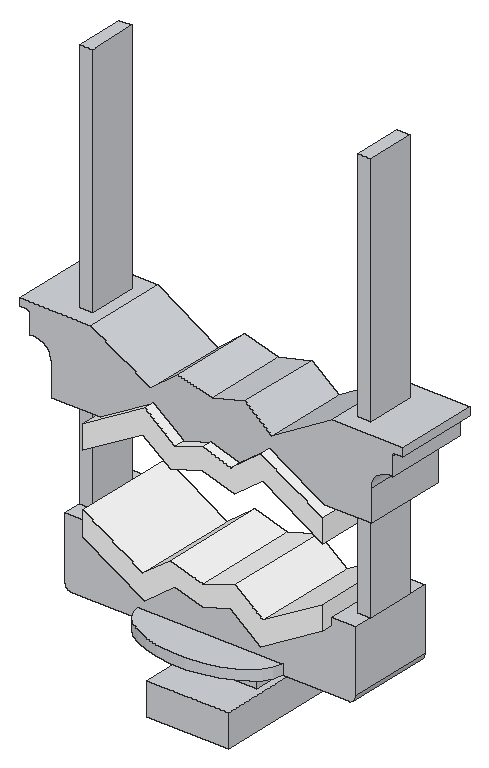
Revit family "550-2121Q", category Pipe Accessories, Revit 2017
Family settings
  Round Connector Dimension = Use Diameter
  Part Type = Normal
  Work Plane-Based = No
  Always vertical = Yes
  Cut with Voids When Loaded = No
  Shared = No
Parameters
  URL = "WWW.SIOUXCHIEF.COM"
  Spread Distance [instance] = 1.000"
  Model = "550-2121Q"
  Manufacturer = "SIOUX CHIEF MANUFACTURING, INC."
  Description = "TD+ UNIVERSAL CLAMPS"
Reference planes (in)
  plane 1 "Center (Front/Back)": y = 0
  plane 2: z = 0
  plane 3 "Center (Left/Right)": x = 0
  plane 4: z = 0.5998
  plane 5: z = 1.5998
Forms (in)
  Extrusion 1, solid
    sketch origin (0, 0, 0) x (1, 0, 0) y (0, 1, 0)
      loop
        line (-1.4375, 0.24262) -> (-1.4375, -0.24262) -> (-1.3125, -0.24262) -> (-1.3125, 0.24262) -> (-1.4375, 0.24262)
    from 0.679 to 4.75
  Extrusion 2, solid
    sketch origin (0, 0, 0) x (-1, 0, 0) y (0, -1, 0)
      loop
        line (-1.4375, -0.24262) -> (-1.3125, -0.24262) -> (-1.3125, 0.24262) -> (-1.4375, 0.24262) -> (-1.4375, -0.24262)
    from 0.679 to 4.75
  Extrusion 3, solid
    sketch origin (0, 0.39993, 0) x (1, 0, 0) y (0, 0, 1)
      loop
        arc (1.365, 0) -> (1.4162, 0.0212) -> (1.4374, 0.0724) r 0.0724
        line (1.4374, 0.0724) -> (1.4374, 0.679) -> (1.1346, 0.679) -> (0.6041, 0.3762) -> (0.3361, 0.5915) -> (0, 0.50643) -> (-0.3361, 0.5915) -> (-0.6041, 0.3762) -> (-1.1346, 0.679) -> (-1.4374, 0.679) -> (-1.4374, 0.0724)
        arc (-1.4374, 0.0724) -> (-1.4162, 0.0212) -> (-1.365, 0) r 0.0724
        line (-1.365, 0) -> (1.365, 0)
    from -0.02514 to 0.825
  Extrusion 4, solid
    sketch origin (0, -0.25, 0) x (1, 0, 0) y (0, 1, 0)
      loop
        line (-0.341, 0.525) -> (-0.341, -0.025) -> (0.341, -0.025) -> (0.341, 0.525) -> (-0.341, 0.525)
    from 0 to -0.316
  Extrusion 5, solid
    sketch origin (-0.11988, -0.04826, -2.5) x (1, 0, 0) y (0, 1, 0)
      loop
        line (-0.28262, 0.75376) -> (-0.28262, -0.65724) -> (0.52238, -0.65724) -> (0.52238, 0.75376) -> (-0.28262, 0.75376)
    from 1.8653 to 2.184
  Extrusion 6, solid
    sketch origin (0, 0, 0) x (1, 0, 0) y (0, 1, 0)
      loop
        spline (-0.711, -0.42507) -> (-0.68677, -0.52806) -> (-0.61574, -0.62404) -> (-0.50275, -0.70645) -> (-0.3555, -0.76969) -> (-0.18402, -0.80944) -> (0, -0.823) -> (0.18402, -0.80944) -> (0.3555, -0.76969) -> (0.50275, -0.70645) -> (0.61574, -0.62404) -> (0.68677, -0.52806) -> (0.711, -0.42507)
        line (0.711, -0.42507) -> (-0.711, -0.42507)
    from 0 to 0.1
  Extrusion 7, solid
    sketch origin (0, 0, 0) x (1, 0, 0) y (0, 1, 0)
      loop
        line (-0.711, 0.42507) -> (0.711, 0.42507)
        spline (0.711, 0.42507) -> (0.68677, 0.52806) -> (0.61574, 0.62404) -> (0.50275, 0.70645) -> (0.3555, 0.76969) -> (0.18402, 0.80944) -> (0, 0.823) -> (-0.18402, 0.80944) -> (-0.3555, 0.76969) -> (-0.50275, 0.70645) -> (-0.61574, 0.62404) -> (-0.68677, 0.52806) -> (-0.711, 0.42507)
    from 0 to 0.1
  Extrusion 8, solid
    sketch origin (0, 0.25, 0.41481) x (1, 0, 0) y (0, 0, 1)
      loop
        line (-0.00363, 1.28449) -> (0.2179, 1.22889) -> (0.3651, 1.22889) -> (0.5873, 1.41219) -> (0.9151, 1.22889) -> (1.5817, 1.22889) -> (1.5817, 1.54282)
        arc (1.5817, 1.54282) -> (1.64704, 1.67873) -> (1.794, 1.71259) r 0.17403
        line (1.794, 1.71259) -> (1.794, 1.90206)
        arc (1.794, 1.90206) -> (1.80256, 1.92273) -> (1.82323, 1.93129) r 0.02923
        line (1.82323, 1.93129) -> (1.894, 1.93129) -> (1.894, 2.00699) -> (1.1924, 2.00699) -> (0.5952, 1.65979) -> (0.3319, 1.87079) -> (0, 1.78749) -> (-0.3319, 1.87079) -> (-0.5952, 1.65979) -> (-1.1924, 2.00699) -> (-1.894, 2.00699) -> (-1.894, 1.93129) -> (-1.82323, 1.93129)
        arc (-1.82323, 1.93129) -> (-1.80256, 1.92273) -> (-1.794, 1.90206) r 0.02923
        line (-1.794, 1.90206) -> (-1.794, 1.71259)
        arc (-1.794, 1.71259) -> (-1.64704, 1.67873) -> (-1.5817, 1.54282) r 0.17403
        line (-1.5817, 1.54282) -> (-1.5817, 1.22889) -> (-0.9151, 1.22889) -> (-0.5873, 1.41219) -> (-0.3651, 1.22889) -> (-0.2179, 1.22889) -> (0, 1.28357)
    from -0.1625 to 0.6625
  Extrusion 9, solid, not visible
    sketch origin (0, 0, 0) x (1, 0, 0) y (0, 1, 0)
      loop
        line (-1.4375, 0.24262) -> (-1.4375, -0.24262) -> (-1.3125, -0.24262) -> (-1.3125, 0.24262) -> (-1.4375, 0.24262)
    from 0.679 to 4.75
  Extrusion 10, solid, not visible
    sketch origin (0, 0, 0) x (-1, 0, 0) y (0, -1, 0)
      loop
        line (-1.4375, -0.24262) -> (-1.3125, -0.24262) -> (-1.3125, 0.24262) -> (-1.4375, 0.24262) -> (-1.4375, -0.24262)
    from 0.679 to 4.75
  Extrusion 11, solid, not visible
    sketch origin (0, 0.39993, 0) x (1, 0, 0) y (0, 0, 1)
      loop
        arc (1.365, 0) -> (1.4162, 0.0212) -> (1.4374, 0.0724) r 0.0724
        line (1.4374, 0.0724) -> (1.4374, 0.679) -> (1.1346, 0.679) -> (0.6041, 0.3762) -> (0.3361, 0.5915) -> (0, 0.50643) -> (-0.3361, 0.5915) -> (-0.6041, 0.3762) -> (-1.1346, 0.679) -> (-1.4374, 0.679) -> (-1.4374, 0.0724)
        arc (-1.4374, 0.0724) -> (-1.4162, 0.0212) -> (-1.365, 0) r 0.0724
        line (-1.365, 0) -> (1.365, 0)
    from -0.02514 to 0.825
  Extrusion 12, solid, not visible
    sketch origin (0, -0.25, 0) x (1, 0, 0) y (0, 1, 0)
      loop
        line (-0.341, 0.525) -> (-0.341, -0.025) -> (0.341, -0.025) -> (0.341, 0.525) -> (-0.341, 0.525)
    from 0 to -0.316
  Extrusion 13, solid, not visible
    sketch origin (-0.11988, -0.04826, -2.5) x (1, 0, 0) y (0, 1, 0)
      loop
        line (-0.28262, 0.75376) -> (-0.28262, -0.65724) -> (0.52238, -0.65724) -> (0.52238, 0.75376) -> (-0.28262, 0.75376)
    from 1.8653 to 2.184
  Extrusion 14, solid, not visible
    sketch origin (0, 0, 0) x (1, 0, 0) y (0, 1, 0)
      loop
        spline (-0.711, -0.42507) -> (-0.68677, -0.52806) -> (-0.61574, -0.62404) -> (-0.50275, -0.70645) -> (-0.3555, -0.76969) -> (-0.18402, -0.80944) -> (0, -0.823) -> (0.18402, -0.80944) -> (0.3555, -0.76969) -> (0.50275, -0.70645) -> (0.61574, -0.62404) -> (0.68677, -0.52806) -> (0.711, -0.42507)
        line (0.711, -0.42507) -> (-0.711, -0.42507)
    from 0 to 0.1
  Extrusion 15, solid, not visible
    sketch origin (0, 0, 0) x (1, 0, 0) y (0, 1, 0)
      loop
        line (-0.711, 0.42507) -> (0.711, 0.42507)
        spline (0.711, 0.42507) -> (0.68677, 0.52806) -> (0.61574, 0.62404) -> (0.50275, 0.70645) -> (0.3555, 0.76969) -> (0.18402, 0.80944) -> (0, 0.823) -> (-0.18402, 0.80944) -> (-0.3555, 0.76969) -> (-0.50275, 0.70645) -> (-0.61574, 0.62404) -> (-0.68677, 0.52806) -> (-0.711, 0.42507)
    from 0 to 0.1
  Extrusion 16, solid, not visible
    sketch origin (0, 0.25, 0) x (1, 0, 0) y (0, 0, 1)
      loop
        line (-0.00363, 1.28449) -> (0.2179, 1.22889) -> (0.3651, 1.22889) -> (0.5873, 1.41219) -> (0.9151, 1.22889) -> (1.5817, 1.22889) -> (1.5817, 1.54282)
        arc (1.5817, 1.54282) -> (1.64704, 1.67873) -> (1.794, 1.71259) r 0.17403
        line (1.794, 1.71259) -> (1.794, 1.90206)
        arc (1.794, 1.90206) -> (1.80256, 1.92273) -> (1.82323, 1.93129) r 0.02923
        line (1.82323, 1.93129) -> (1.894, 1.93129) -> (1.894, 2.00699) -> (1.1924, 2.00699) -> (0.5952, 1.65979) -> (0.3319, 1.87079) -> (0, 1.78749) -> (-0.3319, 1.87079) -> (-0.5952, 1.65979) -> (-1.1924, 2.00699) -> (-1.894, 2.00699) -> (-1.894, 1.93129) -> (-1.82323, 1.93129)
        arc (-1.82323, 1.93129) -> (-1.80256, 1.92273) -> (-1.794, 1.90206) r 0.02923
        line (-1.794, 1.90206) -> (-1.794, 1.71259)
        arc (-1.794, 1.71259) -> (-1.64704, 1.67873) -> (-1.5817, 1.54282) r 0.17403
        line (-1.5817, 1.54282) -> (-1.5817, 1.22889) -> (-0.9151, 1.22889) -> (-0.5873, 1.41219) -> (-0.3651, 1.22889) -> (-0.2179, 1.22889) -> (0, 1.28357)
    from -0.1625 to 0.6625
  Extrusion 17, solid, not visible
    sketch origin (0, 0.25, 0.95011) x (1, 0, 0) y (0, 0, 1)
      loop
        line (-0.00363, 1.28449) -> (0.2179, 1.22889) -> (0.3651, 1.22889) -> (0.5873, 1.41219) -> (0.9151, 1.22889) -> (1.5817, 1.22889) -> (1.5817, 1.54282)
        arc (1.5817, 1.54282) -> (1.64704, 1.67873) -> (1.794, 1.71259) r 0.17403
        line (1.794, 1.71259) -> (1.794, 1.90206)
        arc (1.794, 1.90206) -> (1.80256, 1.92273) -> (1.82323, 1.93129) r 0.02923
        line (1.82323, 1.93129) -> (1.894, 1.93129) -> (1.894, 2.00699) -> (1.1924, 2.00699) -> (0.5952, 1.65979) -> (0.3319, 1.87079) -> (0, 1.78749) -> (-0.3319, 1.87079) -> (-0.5952, 1.65979) -> (-1.1924, 2.00699) -> (-1.894, 2.00699) -> (-1.894, 1.93129) -> (-1.82323, 1.93129)
        arc (-1.82323, 1.93129) -> (-1.80256, 1.92273) -> (-1.794, 1.90206) r 0.02923
        line (-1.794, 1.90206) -> (-1.794, 1.71259)
        arc (-1.794, 1.71259) -> (-1.64704, 1.67873) -> (-1.5817, 1.54282) r 0.17403
        line (-1.5817, 1.54282) -> (-1.5817, 1.22889) -> (-0.9151, 1.22889) -> (-0.5873, 1.41219) -> (-0.3651, 1.22889) -> (-0.2179, 1.22889) -> (0, 1.28357)
    from -0.1625 to 0.6625
  Extrusion 18, solid, not visible
    sketch origin (0, 0, 0) x (1, 0, 0) y (0, 1, 0)
      loop
        line (-1.4375, 0.24262) -> (-1.4375, -0.24262) -> (-1.3125, -0.24262) -> (-1.3125, 0.24262) -> (-1.4375, 0.24262)
    from 0.679 to 4.75
  Extrusion 19, solid, not visible
    sketch origin (0, 0, 0) x (-1, 0, 0) y (0, -1, 0)
      loop
        line (-1.4375, -0.24262) -> (-1.3125, -0.24262) -> (-1.3125, 0.24262) -> (-1.4375, 0.24262) -> (-1.4375, -0.24262)
    from 0.679 to 4.75
  Extrusion 20, solid, not visible
    sketch origin (0, 0.39993, 0) x (1, 0, 0) y (0, 0, 1)
      loop
        arc (1.365, 0) -> (1.4162, 0.0212) -> (1.4374, 0.0724) r 0.0724
        line (1.4374, 0.0724) -> (1.4374, 0.679) -> (1.1346, 0.679) -> (0.6041, 0.3762) -> (0.3361, 0.5915) -> (0, 0.50643) -> (-0.3361, 0.5915) -> (-0.6041, 0.3762) -> (-1.1346, 0.679) -> (-1.4374, 0.679) -> (-1.4374, 0.0724)
        arc (-1.4374, 0.0724) -> (-1.4162, 0.0212) -> (-1.365, 0) r 0.0724
        line (-1.365, 0) -> (1.365, 0)
    from -0.02514 to 0.825
  Extrusion 21, solid, not visible
    sketch origin (0, -0.25, 0) x (1, 0, 0) y (0, 1, 0)
      loop
        line (-0.341, 0.525) -> (-0.341, -0.025) -> (0.341, -0.025) -> (0.341, 0.525) -> (-0.341, 0.525)
    from 0 to -0.316
  Extrusion 22, solid, not visible
    sketch origin (-0.11988, -0.04826, -2.5) x (1, 0, 0) y (0, 1, 0)
      loop
        line (-0.28262, 0.75376) -> (-0.28262, -0.65724) -> (0.52238, -0.65724) -> (0.52238, 0.75376) -> (-0.28262, 0.75376)
    from 1.8653 to 2.184
  Extrusion 23, solid, not visible
    sketch origin (0, 0, 0) x (1, 0, 0) y (0, 1, 0)
      loop
        spline (-0.711, -0.42507) -> (-0.68677, -0.52806) -> (-0.61574, -0.62404) -> (-0.50275, -0.70645) -> (-0.3555, -0.76969) -> (-0.18402, -0.80944) -> (0, -0.823) -> (0.18402, -0.80944) -> (0.3555, -0.76969) -> (0.50275, -0.70645) -> (0.61574, -0.62404) -> (0.68677, -0.52806) -> (0.711, -0.42507)
        line (0.711, -0.42507) -> (-0.711, -0.42507)
    from 0 to 0.1
  Extrusion 24, solid, not visible
    sketch origin (0, 0, 0) x (1, 0, 0) y (0, 1, 0)
      loop
        line (-0.711, 0.42507) -> (0.711, 0.42507)
        spline (0.711, 0.42507) -> (0.68677, 0.52806) -> (0.61574, 0.62404) -> (0.50275, 0.70645) -> (0.3555, 0.76969) -> (0.18402, 0.80944) -> (0, 0.823) -> (-0.18402, 0.80944) -> (-0.3555, 0.76969) -> (-0.50275, 0.70645) -> (-0.61574, 0.62404) -> (-0.68677, 0.52806) -> (-0.711, 0.42507)
    from 0 to 0.1
Dimensions and locks (in)
  locked: Extrusion 1 sketch curve to Extrusion 1 sketch curve at 0.48523
  locked: Extrusion 1 sketch curve to Extrusion 1 sketch curve at 0.125
  Extrusion 2 sketch curve to Extrusion 2 sketch curve = 0.48523"
  locked: Extrusion 2 sketch curve to Extrusion 2 sketch curve at 0.48523
  locked: Extrusion 2 sketch curve to Extrusion 2 sketch curve at 0.125
  equal spacing: Extrusion 3, plane 1 "Center (Front/Back)", Extrusion 3
  Extrusion 4 sketch curve to Extrusion 4 sketch curve = 0.550"
  Extrusion 4 sketch curve to Extrusion 4 sketch curve = 0.682"
  locked: Extrusion 4 sketch curve to Extrusion 4 sketch curve at 0.682
  locked: Extrusion 4 to Extrusion 4 at 0.55
  equal spacing: Extrusion 4, plane 1 "Center (Front/Back)", Extrusion 4
  locked: Extrusion 1 to level at 4.75
  locked: Extrusion 2 to level at 4.75
  locked: Extrusion 5 to Extrusion 5 at 0.805
  locked: Extrusion 5 to Extrusion 5 at 1.411
  equal spacing: Extrusion 5, plane 1 "Center (Front/Back)", Extrusion 5
  equal spacing: Extrusion 5, plane 3 "Center (Left/Right)", Extrusion 5
  locked: Extrusion 5 to Extrusion 5 at 0.3187
  locked: Extrusion 6 to Extrusion 6 at 0.1
  locked: Extrusion 7 to Extrusion 7 at 0.1
  locked: Extrusion 8 to Extrusion 8 at 0.825
  equal spacing: Extrusion 8, plane 1 "Center (Front/Back)", Extrusion 8
  locked: Extrusion 9 sketch curve to Extrusion 9 sketch curve at 0.48523
  locked: Extrusion 9 sketch curve to Extrusion 9 sketch curve at 0.125
  Extrusion 10 sketch curve to Extrusion 10 sketch curve = 0.48523"
  locked: Extrusion 10 sketch curve to Extrusion 10 sketch curve at 0.48523
  locked: Extrusion 10 sketch curve to Extrusion 10 sketch curve at 0.125
  Extrusion 12 sketch curve to Extrusion 12 sketch curve = 0.550"
  Extrusion 12 sketch curve to Extrusion 12 sketch curve = 0.682"
  locked: Extrusion 12 sketch curve to Extrusion 12 sketch curve at 0.682
  locked: Extrusion 18 sketch curve to Extrusion 18 sketch curve at 0.48523
  locked: Extrusion 18 sketch curve to Extrusion 18 sketch curve at 0.125
  Extrusion 19 sketch curve to Extrusion 19 sketch curve = 0.48523"
  locked: Extrusion 19 sketch curve to Extrusion 19 sketch curve at 0.48523
  locked: Extrusion 19 sketch curve to Extrusion 19 sketch curve at 0.125
  Extrusion 21 sketch curve to Extrusion 21 sketch curve = 0.550"
  Extrusion 21 sketch curve to Extrusion 21 sketch curve = 0.682"
  locked: Extrusion 21 sketch curve to Extrusion 21 sketch curve at 0.682
  locked: plane 4 to level at 0.5998
  "Spread Distance": plane 5 to plane 4
  aligned and locked: plane 2 to level
  aligned and locked: Extrusion 1 to Extrusion 3
  aligned and locked: Extrusion 2 to Extrusion 3
  aligned and locked: Extrusion 5 to Extrusion 4
  aligned and locked: Extrusion 6 to level
  aligned and locked: Extrusion 7 to level
  aligned and locked: plane 4 to nested 1
  aligned and locked: plane 5 to nested 2
Automatic sketch dimensions
  Extrusion 3 sketch curve to Extrusion 3 sketch curve = 0.268"  (x2)
  Extrusion 3 sketch curve to Extrusion 3 sketch curve = 0.5305"  (x2)
  Extrusion 3 sketch curve to Extrusion 3 sketch curve = 0.2304"  (x2)
  Extrusion 3 sketch curve to Extrusion 3 sketch curve = 0.2153"  (x2)
  Extrusion 3 sketch curve to Extrusion 3 sketch curve = 0.3028"  (x2)
  Extrusion 8 sketch curve to Extrusion 8 sketch curve = 0.1472"  (x2)
  Extrusion 8 sketch curve to Extrusion 8 sketch curve = 0.2222"  (x2)
  Extrusion 8 sketch curve to Extrusion 8 sketch curve = 0.0079"  (x2)
  Extrusion 8 sketch curve to Extrusion 8 sketch curve = 0.3278"  (x2)
  Extrusion 8 sketch curve to Extrusion 8 sketch curve = 0.5972"  (x2)
  Extrusion 8 sketch curve to Extrusion 8 sketch curve = 0.6666"  (x2)
  Extrusion 8 sketch curve to Extrusion 8 sketch curve = 0.17403"  (x2)
  Extrusion 8 sketch curve to Extrusion 8 sketch curve = 0.03827"  (x2)
  Extrusion 8 sketch curve to Extrusion 8 sketch curve = 0.02923"  (x2)
  Extrusion 8 sketch curve to Extrusion 8 sketch curve = 0.07077"  (x2)
  Extrusion 8 sketch curve to Extrusion 8 sketch curve = 0.000"  (x3)
  Extrusion 8 sketch curve to Extrusion 8 sketch curve = 0.1833"  (x2)
  Extrusion 8 sketch curve to Extrusion 8 sketch curve = 0.31393"  (x2)
  Extrusion 8 sketch curve to Extrusion 8 sketch curve = 0.2476"  (x2)
  Extrusion 8 sketch curve to Extrusion 8 sketch curve = 0.5586"
  Extrusion 8 sketch curve to Extrusion 8 sketch curve = 0.211"  (x2)
  Extrusion 8 sketch curve to Extrusion 8 sketch curve = 0.18947"  (x2)
  Extrusion 8 sketch curve to Extrusion 8 sketch curve = 0.46417"  (x2)
  Extrusion 8 sketch curve to Extrusion 8 sketch curve = 0.05469"
  Extrusion 3 sketch curve to Extrusion 3 sketch curve = 0.0724"  (x2)
  Extrusion 3 sketch curve to Extrusion 3 sketch curve = 0.3361"  (x2)
  Extrusion 3 sketch curve to Extrusion 3 sketch curve = 0.3038"  (x2)
  Extrusion 3 sketch curve to Extrusion 3 sketch curve = 0.08507"
  Extrusion 4 sketch curve to Extrusion 4 sketch curve = 0.550"
  Extrusion 5 sketch curve to Extrusion 5 sketch curve = 0.805"
  Extrusion 5 sketch curve to Extrusion 5 sketch curve = 1.411"
  Extrusion 6 sketch curve to Extrusion 6 sketch curve = 1.422"
  Extrusion 7 sketch curve to Extrusion 7 sketch curve = 1.422"
  Extrusion 11 sketch curve to Extrusion 11 sketch curve = 0.268"  (x2)
  Extrusion 11 sketch curve to Extrusion 11 sketch curve = 0.5305"  (x2)
  Extrusion 11 sketch curve to Extrusion 11 sketch curve = 0.2304"  (x2)
  Extrusion 11 sketch curve to Extrusion 11 sketch curve = 0.2153"  (x2)
  Extrusion 11 sketch curve to Extrusion 11 sketch curve = 0.3028"  (x2)
  Extrusion 11 sketch curve to Extrusion 11 sketch curve = 0.0724"  (x2)
  Extrusion 11 sketch curve to Extrusion 11 sketch curve = 0.3361"  (x2)
  Extrusion 11 sketch curve to Extrusion 11 sketch curve = 0.3038"  (x2)
  Extrusion 11 sketch curve to Extrusion 11 sketch curve = 0.08507"
  Extrusion 12 sketch curve to Extrusion 12 sketch curve = 0.550"
  Extrusion 13 sketch curve to Extrusion 13 sketch curve = 0.805"
  Extrusion 13 sketch curve to Extrusion 13 sketch curve = 1.411"
  Extrusion 14 sketch curve to Extrusion 14 sketch curve = 1.422"
  Extrusion 15 sketch curve to Extrusion 15 sketch curve = 1.422"
  Extrusion 8 sketch curve to Extrusion 8 sketch curve = 0.2633"  (x2)
  Extrusion 8 sketch curve to Extrusion 8 sketch curve = 0.3319"
  Extrusion 8 sketch curve to Extrusion 8 sketch curve = 0.4358"
  Extrusion 8 sketch curve to Extrusion 8 sketch curve = 0.21427"
  Extrusion 8 sketch curve to Extrusion 8 sketch curve = 0.00363"
  Extrusion 16 sketch curve to Extrusion 16 sketch curve = 0.1472"  (x2)
  Extrusion 16 sketch curve to Extrusion 16 sketch curve = 0.2222"  (x2)
  Extrusion 16 sketch curve to Extrusion 16 sketch curve = 0.0079"  (x2)
  Extrusion 16 sketch curve to Extrusion 16 sketch curve = 0.3278"  (x2)
  Extrusion 16 sketch curve to Extrusion 16 sketch curve = 0.5972"  (x2)
  Extrusion 16 sketch curve to Extrusion 16 sketch curve = 0.6666"  (x2)
  Extrusion 16 sketch curve to Extrusion 16 sketch curve = 0.17403"  (x2)
  Extrusion 16 sketch curve to Extrusion 16 sketch curve = 0.03827"  (x2)
  Extrusion 16 sketch curve to Extrusion 16 sketch curve = 0.02923"  (x2)
  Extrusion 16 sketch curve to Extrusion 16 sketch curve = 0.07077"  (x2)
  Extrusion 16 sketch curve to Extrusion 16 sketch curve = 0.000"  (x3)
  Extrusion 16 sketch curve to Extrusion 16 sketch curve = 0.1833"  (x2)
  Extrusion 16 sketch curve to Extrusion 16 sketch curve = 0.31393"  (x2)
  Extrusion 16 sketch curve to Extrusion 16 sketch curve = 0.2476"  (x2)
  Extrusion 16 sketch curve to Extrusion 16 sketch curve = 0.5586"
  Extrusion 16 sketch curve to Extrusion 16 sketch curve = 0.211"  (x2)
  Extrusion 16 sketch curve to Extrusion 16 sketch curve = 0.18947"  (x2)
  Extrusion 16 sketch curve to Extrusion 16 sketch curve = 0.46417"  (x2)
  Extrusion 16 sketch curve to Extrusion 16 sketch curve = 0.05469"
  Extrusion 16 sketch curve to Extrusion 16 sketch curve = 0.2633"  (x2)
  Extrusion 16 sketch curve to Extrusion 16 sketch curve = 0.3319"
  Extrusion 16 sketch curve to Extrusion 16 sketch curve = 0.4358"
  Extrusion 16 sketch curve to Extrusion 16 sketch curve = 0.21427"
  Extrusion 16 sketch curve to Extrusion 16 sketch curve = 0.00363"
  Extrusion 17 sketch curve to Extrusion 17 sketch curve = 0.1472"  (x2)
  Extrusion 17 sketch curve to Extrusion 17 sketch curve = 0.2222"  (x2)
  Extrusion 17 sketch curve to Extrusion 17 sketch curve = 0.0079"  (x2)
  Extrusion 17 sketch curve to Extrusion 17 sketch curve = 0.3278"  (x2)
  Extrusion 17 sketch curve to Extrusion 17 sketch curve = 0.5972"  (x2)
  Extrusion 17 sketch curve to Extrusion 17 sketch curve = 0.6666"  (x2)
  Extrusion 17 sketch curve to Extrusion 17 sketch curve = 0.17403"  (x2)
  Extrusion 17 sketch curve to Extrusion 17 sketch curve = 0.03827"  (x2)
  Extrusion 17 sketch curve to Extrusion 17 sketch curve = 0.02923"  (x2)
  Extrusion 17 sketch curve to Extrusion 17 sketch curve = 0.07077"  (x2)
  Extrusion 17 sketch curve to Extrusion 17 sketch curve = 0.000"  (x3)
  Extrusion 17 sketch curve to Extrusion 17 sketch curve = 0.1833"  (x2)
  Extrusion 17 sketch curve to Extrusion 17 sketch curve = 0.31393"  (x2)
  Extrusion 17 sketch curve to Extrusion 17 sketch curve = 0.2476"  (x2)
  Extrusion 17 sketch curve to Extrusion 17 sketch curve = 0.5586"
  Extrusion 17 sketch curve to Extrusion 17 sketch curve = 0.211"  (x2)
  Extrusion 17 sketch curve to Extrusion 17 sketch curve = 0.18947"  (x2)
  Extrusion 17 sketch curve to Extrusion 17 sketch curve = 0.46417"  (x2)
  Extrusion 17 sketch curve to Extrusion 17 sketch curve = 0.05469"
  Extrusion 17 sketch curve to Extrusion 17 sketch curve = 0.2633"  (x2)
  Extrusion 17 sketch curve to Extrusion 17 sketch curve = 0.3319"
  Extrusion 17 sketch curve to Extrusion 17 sketch curve = 0.4358"
  Extrusion 17 sketch curve to Extrusion 17 sketch curve = 0.21427"
  Extrusion 17 sketch curve to Extrusion 17 sketch curve = 0.00363"
  Extrusion 20 sketch curve to Extrusion 20 sketch curve = 0.268"  (x2)
  Extrusion 20 sketch curve to Extrusion 20 sketch curve = 0.5305"  (x2)
  Extrusion 20 sketch curve to Extrusion 20 sketch curve = 0.2304"  (x2)
  Extrusion 20 sketch curve to Extrusion 20 sketch curve = 0.2153"  (x2)
  Extrusion 20 sketch curve to Extrusion 20 sketch curve = 0.3028"  (x2)
  Extrusion 20 sketch curve to Extrusion 20 sketch curve = 0.0724"  (x2)
  Extrusion 20 sketch curve to Extrusion 20 sketch curve = 0.3361"  (x2)
  Extrusion 20 sketch curve to Extrusion 20 sketch curve = 0.3038"  (x2)
  Extrusion 20 sketch curve to Extrusion 20 sketch curve = 0.08507"
  Extrusion 21 sketch curve to Extrusion 21 sketch curve = 0.550"
  Extrusion 22 sketch curve to Extrusion 22 sketch curve = 0.805"
  Extrusion 22 sketch curve to Extrusion 22 sketch curve = 1.411"
  Extrusion 23 sketch curve to Extrusion 23 sketch curve = 1.422"
  Extrusion 24 sketch curve to Extrusion 24 sketch curve = 1.422"
Nested families (in)
  nested 1: "Insert" at (0, 0, -0.0001), type "Insert"
    with Spread Distance 1.000"
  nested 2: "Insert" at (0, 0, 2.1997) x (1, 0, 0) z (0, 0, -1), type "Insert"
    with Spread Distance 1.000"
  nested 3: "Insert" at (0, 0, 2.73501) x (1, 0, 0) z (0, 0, -1), type "Insert", not visible
    with Spread Distance 1.000"
  nested 4: "Insert" at (0, 0, -0.0001), type "Insert", not visible
    with Spread Distance 1.000"
Definition of nested family "Insert"
  Parameters (values of type "Insert")
    URL = "WWW.SIOUXCHIEF.COM"
    Spread Distance [instance] = 1.000"
    Model = "550-2111Q"
    Manufacturer = "SIOUX CHIEF MANUFACTURING, INC."
    Description = "TD+ UNIVERSAL CLAMPS"
  Reference planes (in)
    plane 1 "Center (Front/Back)": y = 0
    plane 2: z = 0
    plane 3 "Center (Left/Right)": x = 0
  Forms (in)
    Extrusion 1, solid, not visible
      sketch origin (0, 0.25, 0) x (1, 0, 0) y (0, 0, 1)
        loop
          line (-0.00363, 1.28449) -> (0.2179, 1.22889) -> (0.3651, 1.22889) -> (0.5873, 1.41219) -> (0.9151, 1.22889) -> (1.5817, 1.22889) -> (1.5817, 1.54282)
          arc (1.5817, 1.54282) -> (1.64704, 1.67873) -> (1.794, 1.71259) r 0.17403
          line (1.794, 1.71259) -> (1.794, 1.90206)
          arc (1.794, 1.90206) -> (1.80256, 1.92273) -> (1.82323, 1.93129) r 0.02923
          line (1.82323, 1.93129) -> (1.894, 1.93129) -> (1.894, 2.00699) -> (1.1924, 2.00699) -> (0.5952, 1.65979) -> (0.3319, 1.87079) -> (0, 1.78749) -> (-0.3319, 1.87079) -> (-0.5952, 1.65979) -> (-1.1924, 2.00699) -> (-1.894, 2.00699) -> (-1.894, 1.93129) -> (-1.82323, 1.93129)
          arc (-1.82323, 1.93129) -> (-1.80256, 1.92273) -> (-1.794, 1.90206) r 0.02923
          line (-1.794, 1.90206) -> (-1.794, 1.71259)
          arc (-1.794, 1.71259) -> (-1.64704, 1.67873) -> (-1.5817, 1.54282) r 0.17403
          line (-1.5817, 1.54282) -> (-1.5817, 1.22889) -> (-0.9151, 1.22889) -> (-0.5873, 1.41219) -> (-0.3651, 1.22889) -> (-0.2179, 1.22889) -> (0, 1.28357)
      from -0.1625 to 0.6625
    Extrusion 2, solid, not visible
      sketch origin (0, 0, 0) x (1, 0, 0) y (0, 1, 0)
        loop
          line (-1.4375, 0.24262) -> (-1.4375, -0.24262) -> (-1.3125, -0.24262) -> (-1.3125, 0.24262) -> (-1.4375, 0.24262)
      from 0.679 to 4.75
    Extrusion 3, solid, not visible
      sketch origin (0, 0, 0) x (-1, 0, 0) y (0, -1, 0)
        loop
          line (-1.4375, -0.24262) -> (-1.3125, -0.24262) -> (-1.3125, 0.24262) -> (-1.4375, 0.24262) -> (-1.4375, -0.24262)
      from 0.679 to 4.75
    Extrusion 4, solid, not visible
      sketch origin (0, 0.39993, 0) x (1, 0, 0) y (0, 0, 1)
        loop
          arc (1.365, 0) -> (1.4162, 0.0212) -> (1.4374, 0.0724) r 0.0724
          line (1.4374, 0.0724) -> (1.4374, 0.679) -> (1.1346, 0.679) -> (0.6041, 0.3762) -> (0.3361, 0.5915) -> (0, 0.50643) -> (-0.3361, 0.5915) -> (-0.6041, 0.3762) -> (-1.1346, 0.679) -> (-1.4374, 0.679) -> (-1.4374, 0.0724)
          arc (-1.4374, 0.0724) -> (-1.4162, 0.0212) -> (-1.365, 0) r 0.0724
          line (-1.365, 0) -> (1.365, 0)
      from -0.02514 to 0.825
    Extrusion 5, solid
      sketch origin (0, 0, 0) x (1, 0, 0) y (0, 0, 1)
        loop
          line (-1.1875, 0.60181) -> (-0.57489, 0.24535) -> (-0.27316, 0.47445) -> (0, 0.39071) -> (0.27316, 0.47445) -> (0.57489, 0.24535) -> (1.1875, 0.60181) -> (1.1875, 0.8332) -> (0.5896, 0.4853) -> (0.3125, 0.6957) -> (0, 0.5999) -> (-0.3125, 0.6957) -> (-0.5896, 0.4853) -> (-1.1875, 0.8332) -> (-1.1875, 0.60181)
      from -0.51786 to 0.51786
    Extrusion 6, solid, not visible
      sketch origin (0, 0.25, 0.45011) x (1, 0, 0) y (0, 0, 1)
        loop
          line (-0.00363, 1.28449) -> (0.2179, 1.22889) -> (0.3651, 1.22889) -> (0.5873, 1.41219) -> (0.9151, 1.22889) -> (1.5817, 1.22889) -> (1.5817, 1.54282)
          arc (1.5817, 1.54282) -> (1.64704, 1.67873) -> (1.794, 1.71259) r 0.17403
          line (1.794, 1.71259) -> (1.794, 1.90206)
          arc (1.794, 1.90206) -> (1.80256, 1.92273) -> (1.82323, 1.93129) r 0.02923
          line (1.82323, 1.93129) -> (1.894, 1.93129) -> (1.894, 2.00699) -> (1.1924, 2.00699) -> (0.5952, 1.65979) -> (0.3319, 1.87079) -> (0, 1.78749) -> (-0.3319, 1.87079) -> (-0.5952, 1.65979) -> (-1.1924, 2.00699) -> (-1.894, 2.00699) -> (-1.894, 1.93129) -> (-1.82323, 1.93129)
          arc (-1.82323, 1.93129) -> (-1.80256, 1.92273) -> (-1.794, 1.90206) r 0.02923
          line (-1.794, 1.90206) -> (-1.794, 1.71259)
          arc (-1.794, 1.71259) -> (-1.64704, 1.67873) -> (-1.5817, 1.54282) r 0.17403
          line (-1.5817, 1.54282) -> (-1.5817, 1.22889) -> (-0.9151, 1.22889) -> (-0.5873, 1.41219) -> (-0.3651, 1.22889) -> (-0.2179, 1.22889) -> (0, 1.28357)
      from -0.1625 to 0.6625
    Extrusion 7, solid, not visible
      sketch origin (0, 0, 2.24863) x (1, 0, 0) y (0, 0, 1)
        loop
          line (-1.1875, -0.60181) -> (-1.1875, -0.8332) -> (-0.5896, -0.4853) -> (-0.3125, -0.6957) -> (0, -0.5999) -> (0.3125, -0.6957) -> (0.5896, -0.4853) -> (1.1875, -0.8332) -> (1.1875, -0.60181) -> (0.57489, -0.24535) -> (0.27316, -0.47445) -> (0, -0.39071) -> (-0.27316, -0.47445) -> (-0.57489, -0.24535) -> (-1.1875, -0.60181)
      from -0.51786 to 0.51786
    Extrusion 8, solid, not visible
      sketch origin (0, 0, 0) x (1, 0, 0) y (0, 1, 0)
        loop
          line (-1.4375, 0.24262) -> (-1.4375, -0.24262) -> (-1.3125, -0.24262) -> (-1.3125, 0.24262) -> (-1.4375, 0.24262)
      from 0.679 to 4.75
    Extrusion 9, solid, not visible
      sketch origin (0, 0, 0) x (-1, 0, 0) y (0, -1, 0)
        loop
          line (-1.4375, -0.24262) -> (-1.3125, -0.24262) -> (-1.3125, 0.24262) -> (-1.4375, 0.24262) -> (-1.4375, -0.24262)
      from 0.679 to 4.75
    Extrusion 10, solid, not visible
      sketch origin (0, 0.39993, 0) x (1, 0, 0) y (0, 0, 1)
        loop
          arc (1.365, 0) -> (1.4162, 0.0212) -> (1.4374, 0.0724) r 0.0724
          line (1.4374, 0.0724) -> (1.4374, 0.679) -> (1.1346, 0.679) -> (0.6041, 0.3762) -> (0.3361, 0.5915) -> (0, 0.50643) -> (-0.3361, 0.5915) -> (-0.6041, 0.3762) -> (-1.1346, 0.679) -> (-1.4374, 0.679) -> (-1.4374, 0.0724)
          arc (-1.4374, 0.0724) -> (-1.4162, 0.0212) -> (-1.365, 0) r 0.0724
          line (-1.365, 0) -> (1.365, 0)
      from -0.02514 to 0.825
    Extrusion 11, solid, not visible
      sketch origin (0, 0, 0) x (1, 0, 0) y (0, 0, 1)
        loop
          line (-1.1875, 0.60181) -> (-0.57489, 0.24535) -> (-0.27316, 0.47445) -> (0, 0.39071) -> (0.27316, 0.47445) -> (0.57489, 0.24535) -> (1.1875, 0.60181) -> (1.1875, 0.8332) -> (0.5896, 0.4853) -> (0.3125, 0.6957) -> (0, 0.5999) -> (-0.3125, 0.6957) -> (-0.5896, 0.4853) -> (-1.1875, 0.8332) -> (-1.1875, 0.60181)
      from -0.51786 to 0.51786
  Dimensions and locks (in)
    locked: Extrusion 2 sketch curve to Extrusion 2 sketch curve at 0.48523
    locked: Extrusion 2 sketch curve to Extrusion 2 sketch curve at 0.125
    Extrusion 3 sketch curve to Extrusion 3 sketch curve = 0.48523"
    locked: Extrusion 3 sketch curve to Extrusion 3 sketch curve at 0.48523
    locked: Extrusion 3 sketch curve to Extrusion 3 sketch curve at 0.125
    equal spacing: Extrusion 5, plane 1 "Center (Front/Back)", Extrusion 5
    Extrusion 5 to Extrusion 5 = 1.03573"
    locked: Extrusion 5 to Extrusion 5 at 1.03573
    locked: Extrusion 8 sketch curve to Extrusion 8 sketch curve at 0.48523
    locked: Extrusion 8 sketch curve to Extrusion 8 sketch curve at 0.125
    Extrusion 9 sketch curve to Extrusion 9 sketch curve = 0.48523"
    locked: Extrusion 9 sketch curve to Extrusion 9 sketch curve at 0.48523
    locked: Extrusion 9 sketch curve to Extrusion 9 sketch curve at 0.125
    aligned and locked: plane 2 to level
  Automatic sketch dimensions
    Extrusion 1 sketch curve to Extrusion 1 sketch curve = 0.1472"  (x2)
    Extrusion 1 sketch curve to Extrusion 1 sketch curve = 0.2222"  (x2)
    Extrusion 1 sketch curve to Extrusion 1 sketch curve = 0.0079"  (x2)
    Extrusion 1 sketch curve to Extrusion 1 sketch curve = 0.3278"  (x2)
    Extrusion 1 sketch curve to Extrusion 1 sketch curve = 0.5972"  (x2)
    Extrusion 1 sketch curve to Extrusion 1 sketch curve = 0.6666"  (x2)
    Extrusion 1 sketch curve to Extrusion 1 sketch curve = 0.17403"  (x2)
    Extrusion 1 sketch curve to Extrusion 1 sketch curve = 0.03827"  (x2)
    Extrusion 1 sketch curve to Extrusion 1 sketch curve = 0.02923"  (x2)
    Extrusion 1 sketch curve to Extrusion 1 sketch curve = 0.07077"  (x2)
    Extrusion 1 sketch curve to Extrusion 1 sketch curve = 0.000"  (x3)
    Extrusion 1 sketch curve to Extrusion 1 sketch curve = 0.1833"  (x2)
    Extrusion 1 sketch curve to Extrusion 1 sketch curve = 0.31393"  (x2)
    Extrusion 1 sketch curve to Extrusion 1 sketch curve = 0.2476"  (x2)
    Extrusion 1 sketch curve to Extrusion 1 sketch curve = 0.5586"
    Extrusion 1 sketch curve to Extrusion 1 sketch curve = 0.211"  (x2)
    Extrusion 1 sketch curve to Extrusion 1 sketch curve = 0.18947"  (x2)
    Extrusion 1 sketch curve to Extrusion 1 sketch curve = 0.46417"  (x2)
    Extrusion 1 sketch curve to Extrusion 1 sketch curve = 0.05469"
    Extrusion 1 sketch curve to Extrusion 1 sketch curve = 0.2633"  (x2)
    Extrusion 1 sketch curve to Extrusion 1 sketch curve = 0.3319"
    Extrusion 1 sketch curve to Extrusion 1 sketch curve = 0.4358"
    Extrusion 1 sketch curve to Extrusion 1 sketch curve = 0.21427"
    Extrusion 1 sketch curve to Extrusion 1 sketch curve = 0.00363"
    Extrusion 4 sketch curve to Extrusion 4 sketch curve = 0.268"  (x2)
    Extrusion 4 sketch curve to Extrusion 4 sketch curve = 0.5305"  (x2)
    Extrusion 4 sketch curve to Extrusion 4 sketch curve = 0.2304"  (x2)
    Extrusion 4 sketch curve to Extrusion 4 sketch curve = 0.2153"  (x2)
    Extrusion 4 sketch curve to Extrusion 4 sketch curve = 0.3028"  (x2)
    Extrusion 4 sketch curve to Extrusion 4 sketch curve = 0.0724"  (x2)
    Extrusion 4 sketch curve to Extrusion 4 sketch curve = 0.3361"  (x2)
    Extrusion 4 sketch curve to Extrusion 4 sketch curve = 0.3038"  (x2)
    Extrusion 4 sketch curve to Extrusion 4 sketch curve = 0.08507"
    Extrusion 5 sketch curve to Extrusion 5 sketch curve = 0.03934"  (x2)
    Extrusion 5 sketch curve to Extrusion 5 sketch curve = 0.30173"  (x2)
    Extrusion 5 sketch curve to Extrusion 5 sketch curve = 0.01471"  (x2)
    Extrusion 5 sketch curve to Extrusion 5 sketch curve = 0.5979"  (x2)
    Extrusion 5 sketch curve to Extrusion 5 sketch curve = 0.08374"  (x2)
    Extrusion 5 sketch curve to Extrusion 5 sketch curve = 0.23995"  (x2)
    Extrusion 5 sketch curve to Extrusion 5 sketch curve = 0.20919"
    Extrusion 5 sketch curve to Extrusion 5 sketch curve = 0.22125"  (x2)
    Extrusion 5 sketch curve to Extrusion 5 sketch curve = 0.23139"  (x2)
    Extrusion 6 sketch curve to Extrusion 6 sketch curve = 0.1472"  (x2)
    Extrusion 6 sketch curve to Extrusion 6 sketch curve = 0.2222"  (x2)
    Extrusion 6 sketch curve to Extrusion 6 sketch curve = 0.0079"  (x2)
    Extrusion 6 sketch curve to Extrusion 6 sketch curve = 0.3278"  (x2)
    Extrusion 6 sketch curve to Extrusion 6 sketch curve = 0.5972"  (x2)
    Extrusion 6 sketch curve to Extrusion 6 sketch curve = 0.6666"  (x2)
    Extrusion 6 sketch curve to Extrusion 6 sketch curve = 0.17403"  (x2)
    Extrusion 6 sketch curve to Extrusion 6 sketch curve = 0.03827"  (x2)
    Extrusion 6 sketch curve to Extrusion 6 sketch curve = 0.02923"  (x2)
    Extrusion 6 sketch curve to Extrusion 6 sketch curve = 0.07077"  (x2)
    Extrusion 6 sketch curve to Extrusion 6 sketch curve = 0.000"  (x3)
    Extrusion 6 sketch curve to Extrusion 6 sketch curve = 0.1833"  (x2)
    Extrusion 6 sketch curve to Extrusion 6 sketch curve = 0.31393"  (x2)
    Extrusion 6 sketch curve to Extrusion 6 sketch curve = 0.2476"  (x2)
    Extrusion 6 sketch curve to Extrusion 6 sketch curve = 0.5586"
    Extrusion 6 sketch curve to Extrusion 6 sketch curve = 0.211"  (x2)
    Extrusion 6 sketch curve to Extrusion 6 sketch curve = 0.18947"  (x2)
    Extrusion 6 sketch curve to Extrusion 6 sketch curve = 0.46417"  (x2)
    Extrusion 6 sketch curve to Extrusion 6 sketch curve = 0.05469"
    Extrusion 6 sketch curve to Extrusion 6 sketch curve = 0.2633"  (x2)
    Extrusion 6 sketch curve to Extrusion 6 sketch curve = 0.3319"
    Extrusion 6 sketch curve to Extrusion 6 sketch curve = 0.4358"
    Extrusion 6 sketch curve to Extrusion 6 sketch curve = 0.21427"
    Extrusion 6 sketch curve to Extrusion 6 sketch curve = 0.00363"
    Extrusion 7 sketch curve to Extrusion 7 sketch curve = 0.03934"  (x2)
    Extrusion 7 sketch curve to Extrusion 7 sketch curve = 0.30173"  (x2)
    Extrusion 7 sketch curve to Extrusion 7 sketch curve = 0.01471"  (x2)
    Extrusion 7 sketch curve to Extrusion 7 sketch curve = 0.5979"  (x2)
    Extrusion 7 sketch curve to Extrusion 7 sketch curve = 0.000"  (x2)
    Extrusion 7 sketch curve to Extrusion 7 sketch curve = 0.14536"
    Extrusion 7 sketch curve to Extrusion 7 sketch curve = 0.08374"  (x2)
    Extrusion 7 sketch curve to Extrusion 7 sketch curve = 0.23995"  (x2)
    Extrusion 7 sketch curve to Extrusion 7 sketch curve = 0.20919"
    Extrusion 7 sketch curve to Extrusion 7 sketch curve = 0.11651"  (x2)
    Extrusion 7 sketch curve to Extrusion 7 sketch curve = 0.22125"  (x2)
    Extrusion 7 sketch curve to Extrusion 7 sketch curve = 0.23139"  (x2)
    Extrusion 7 sketch curve to Extrusion 7 sketch curve = 0.27316"  (x2)
    Extrusion 5 sketch curve to Extrusion 5 sketch curve = 0.27316"  (x2)
    Extrusion 5 sketch curve to Extrusion 5 sketch curve = 0.000"  (x2)
    Extrusion 5 sketch curve to Extrusion 5 sketch curve = 0.14536"
    Extrusion 5 sketch curve to Extrusion 5 sketch curve = 0.11651"  (x2)
    Extrusion 10 sketch curve to Extrusion 10 sketch curve = 0.268"  (x2)
    Extrusion 10 sketch curve to Extrusion 10 sketch curve = 0.5305"  (x2)
    Extrusion 10 sketch curve to Extrusion 10 sketch curve = 0.2304"  (x2)
    Extrusion 10 sketch curve to Extrusion 10 sketch curve = 0.2153"  (x2)
    Extrusion 10 sketch curve to Extrusion 10 sketch curve = 0.3028"  (x2)
    Extrusion 10 sketch curve to Extrusion 10 sketch curve = 0.0724"  (x2)
    Extrusion 10 sketch curve to Extrusion 10 sketch curve = 0.3361"  (x2)
    Extrusion 10 sketch curve to Extrusion 10 sketch curve = 0.3038"  (x2)
    Extrusion 10 sketch curve to Extrusion 10 sketch curve = 0.08507"
    Extrusion 11 sketch curve to Extrusion 11 sketch curve = 0.03934"  (x2)
    Extrusion 11 sketch curve to Extrusion 11 sketch curve = 0.30173"  (x2)
    Extrusion 11 sketch curve to Extrusion 11 sketch curve = 0.01471"  (x2)
    Extrusion 11 sketch curve to Extrusion 11 sketch curve = 0.5979"  (x2)
    Extrusion 11 sketch curve to Extrusion 11 sketch curve = 0.08374"  (x2)
    Extrusion 11 sketch curve to Extrusion 11 sketch curve = 0.23995"  (x2)
    Extrusion 11 sketch curve to Extrusion 11 sketch curve = 0.20919"
    Extrusion 11 sketch curve to Extrusion 11 sketch curve = 0.22125"  (x2)
    Extrusion 11 sketch curve to Extrusion 11 sketch curve = 0.23139"  (x2)
    Extrusion 11 sketch curve to Extrusion 11 sketch curve = 0.27316"  (x2)
    Extrusion 11 sketch curve to Extrusion 11 sketch curve = 0.000"  (x2)
    Extrusion 11 sketch curve to Extrusion 11 sketch curve = 0.14536"
    Extrusion 11 sketch curve to Extrusion 11 sketch curve = 0.11651"  (x2)
    Extrusion 5 sketch curve to plane 3 "Center (Left/Right)" = 0.000"
    level to Extrusion 5 sketch curve = 0.24535"
